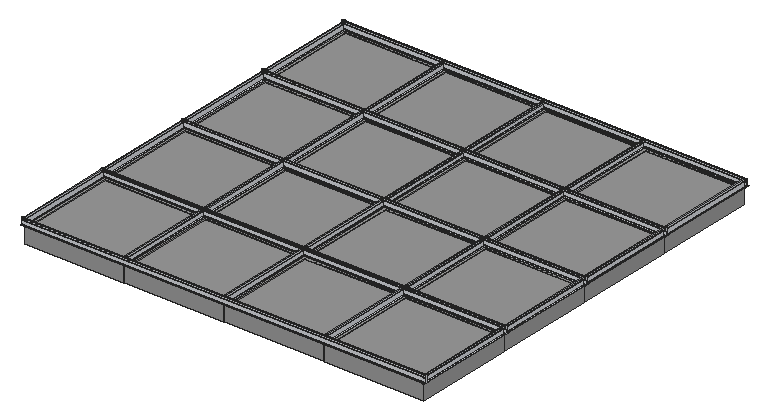
Revit family "GRD-FPG-012_RFA", category Modelos genéricos, Revit 2022 (continued)
Forms (in)
  Extrusion 234, solid, not visible
    sketch origin (0, 24, 0) x (0, 1, 0) y (0, 0, 1)
      loop
        arc (0.33294, 1.7291) -> (0.34005, 1.71194) -> (0.35722, 1.70483) r 0.02428
        line (0.35722, 1.70483) -> (0.39815, 1.70483)
        arc (0.39815, 1.70483) -> (0.42797, 1.69248) -> (0.44023, 1.66266) r 0.04217
        arc (0.44023, 1.66266) -> (0.45258, 1.69248) -> (0.4824, 1.70483) r 0.04217
        line (0.4824, 1.70483) -> (0.52333, 1.70483)
        arc (0.52333, 1.70483) -> (0.54049, 1.71194) -> (0.54761, 1.7291) r 0.02428
        line (0.54761, 1.7291) -> (0.54761, 2.15016) -> (0.45704, 2.24072)
        arc (0.45704, 2.24072) -> (0.44027, 2.24767) -> (0.42351, 2.24072) r 0.02371
        line (0.42351, 2.24072) -> (0.33294, 2.15016) -> (0.33294, 1.7291)
    from 0 to 96.9361
  Extrusion 235, solid, not visible
    sketch origin (0, 48, 0) x (0, 1, 0) y (0, 0, 1)
      loop
        line (0.42221, 1.66259) -> (0.42231, 0.67354)
        arc (0.42231, 0.67354) -> (0.41009, 0.64403) -> (0.38057, 0.6318) r 0.04174
        line (0.38057, 0.6318) -> (-0.00639, 0.6318) -> (-0.00639, 0.59057) -> (0.8874, 0.59057) -> (0.8874, 0.6318) -> (0.49998, 0.6318)
        arc (0.49998, 0.6318) -> (0.47046, 0.64403) -> (0.45824, 0.67354) r 0.04174
        line (0.45824, 0.67354) -> (0.45834, 1.66259)
        arc (0.45834, 1.66259) -> (0.46543, 1.67969) -> (0.48252, 1.68677) r 0.02418
        line (0.48252, 1.68677) -> (0.52252, 1.68677)
        arc (0.52252, 1.68677) -> (0.55303, 1.69941) -> (0.56566, 1.72991) r 0.04314
        line (0.56566, 1.72991) -> (0.56566, 2.14095)
        arc (0.56566, 2.14095) -> (0.5626, 2.15637) -> (0.55386, 2.16944) r 0.04029
        line (0.55386, 2.16944) -> (0.47053, 2.25277)
        arc (0.47053, 2.25277) -> (0.44027, 2.2653) -> (0.41002, 2.25277) r 0.04279
        line (0.41002, 2.25277) -> (0.32669, 2.16944)
        arc (0.32669, 2.16944) -> (0.31795, 2.15637) -> (0.31489, 2.14095) r 0.04029
        line (0.31489, 2.14095) -> (0.31489, 1.72991)
        arc (0.31489, 1.72991) -> (0.32752, 1.69941) -> (0.35803, 1.68677) r 0.04314
        line (0.35803, 1.68677) -> (0.39803, 1.68677)
        arc (0.39803, 1.68677) -> (0.41512, 1.67969) -> (0.42221, 1.66259) r 0.02418
      loop
        arc (0.33294, 1.7291) -> (0.34005, 1.71194) -> (0.35722, 1.70483) r 0.02428
        line (0.35722, 1.70483) -> (0.39815, 1.70483)
        arc (0.39815, 1.70483) -> (0.42797, 1.69248) -> (0.44023, 1.66266) r 0.04217
        arc (0.44023, 1.66266) -> (0.45258, 1.69248) -> (0.4824, 1.70483) r 0.04217
        line (0.4824, 1.70483) -> (0.52333, 1.70483)
        arc (0.52333, 1.70483) -> (0.54049, 1.71194) -> (0.54761, 1.7291) r 0.02428
        line (0.54761, 1.7291) -> (0.54761, 2.15016) -> (0.45704, 2.24072)
        arc (0.45704, 2.24072) -> (0.44027, 2.24767) -> (0.42351, 2.24072) r 0.02371
        line (0.42351, 2.24072) -> (0.33294, 2.15016) -> (0.33294, 1.7291)
    from 0 to 96.9361
  Extrusion 236, solid, not visible
    sketch origin (0, 72, 0) x (0, 1, 0) y (0, 0, 1)
      loop
        line (0.42221, 1.66259) -> (0.42231, 0.67354)
        arc (0.42231, 0.67354) -> (0.41009, 0.64403) -> (0.38057, 0.6318) r 0.04174
        line (0.38057, 0.6318) -> (-0.00639, 0.6318) -> (-0.00639, 0.59057) -> (0.8874, 0.59057) -> (0.8874, 0.6318) -> (0.49998, 0.6318)
        arc (0.49998, 0.6318) -> (0.47046, 0.64403) -> (0.45824, 0.67354) r 0.04174
        line (0.45824, 0.67354) -> (0.45834, 1.66259)
        arc (0.45834, 1.66259) -> (0.46543, 1.67969) -> (0.48252, 1.68677) r 0.02418
        line (0.48252, 1.68677) -> (0.52252, 1.68677)
        arc (0.52252, 1.68677) -> (0.55303, 1.69941) -> (0.56566, 1.72991) r 0.04314
        line (0.56566, 1.72991) -> (0.56566, 2.14095)
        arc (0.56566, 2.14095) -> (0.5626, 2.15637) -> (0.55386, 2.16944) r 0.04029
        line (0.55386, 2.16944) -> (0.47053, 2.25277)
        arc (0.47053, 2.25277) -> (0.44027, 2.2653) -> (0.41002, 2.25277) r 0.04279
        line (0.41002, 2.25277) -> (0.32669, 2.16944)
        arc (0.32669, 2.16944) -> (0.31795, 2.15637) -> (0.31489, 2.14095) r 0.04029
        line (0.31489, 2.14095) -> (0.31489, 1.72991)
        arc (0.31489, 1.72991) -> (0.32752, 1.69941) -> (0.35803, 1.68677) r 0.04314
        line (0.35803, 1.68677) -> (0.39803, 1.68677)
        arc (0.39803, 1.68677) -> (0.41512, 1.67969) -> (0.42221, 1.66259) r 0.02418
      loop
        arc (0.33294, 1.7291) -> (0.34005, 1.71194) -> (0.35722, 1.70483) r 0.02428
        line (0.35722, 1.70483) -> (0.39815, 1.70483)
        arc (0.39815, 1.70483) -> (0.42797, 1.69248) -> (0.44023, 1.66266) r 0.04217
        arc (0.44023, 1.66266) -> (0.45258, 1.69248) -> (0.4824, 1.70483) r 0.04217
        line (0.4824, 1.70483) -> (0.52333, 1.70483)
        arc (0.52333, 1.70483) -> (0.54049, 1.71194) -> (0.54761, 1.7291) r 0.02428
        line (0.54761, 1.7291) -> (0.54761, 2.15016) -> (0.45704, 2.24072)
        arc (0.45704, 2.24072) -> (0.44027, 2.24767) -> (0.42351, 2.24072) r 0.02371
        line (0.42351, 2.24072) -> (0.33294, 2.15016) -> (0.33294, 1.7291)
    from 0 to 96.9361
  Extrusion 237, solid, not visible
    sketch origin (0, 96, 0) x (0, 1, 0) y (0, 0, 1)
      loop
        line (0.42221, 1.66259) -> (0.42231, 0.67354)
        arc (0.42231, 0.67354) -> (0.41009, 0.64403) -> (0.38057, 0.6318) r 0.04174
        line (0.38057, 0.6318) -> (-0.00639, 0.6318) -> (-0.00639, 0.59057) -> (0.8874, 0.59057) -> (0.8874, 0.6318) -> (0.49998, 0.6318)
        arc (0.49998, 0.6318) -> (0.47046, 0.64403) -> (0.45824, 0.67354) r 0.04174
        line (0.45824, 0.67354) -> (0.45834, 1.66259)
        arc (0.45834, 1.66259) -> (0.46543, 1.67969) -> (0.48252, 1.68677) r 0.02418
        line (0.48252, 1.68677) -> (0.52252, 1.68677)
        arc (0.52252, 1.68677) -> (0.55303, 1.69941) -> (0.56566, 1.72991) r 0.04314
        line (0.56566, 1.72991) -> (0.56566, 2.14095)
        arc (0.56566, 2.14095) -> (0.5626, 2.15637) -> (0.55386, 2.16944) r 0.04029
        line (0.55386, 2.16944) -> (0.47053, 2.25277)
        arc (0.47053, 2.25277) -> (0.44027, 2.2653) -> (0.41002, 2.25277) r 0.04279
        line (0.41002, 2.25277) -> (0.32669, 2.16944)
        arc (0.32669, 2.16944) -> (0.31795, 2.15637) -> (0.31489, 2.14095) r 0.04029
        line (0.31489, 2.14095) -> (0.31489, 1.72991)
        arc (0.31489, 1.72991) -> (0.32752, 1.69941) -> (0.35803, 1.68677) r 0.04314
        line (0.35803, 1.68677) -> (0.39803, 1.68677)
        arc (0.39803, 1.68677) -> (0.41512, 1.67969) -> (0.42221, 1.66259) r 0.02418
      loop
        arc (0.33294, 1.7291) -> (0.34005, 1.71194) -> (0.35722, 1.70483) r 0.02428
        line (0.35722, 1.70483) -> (0.39815, 1.70483)
        arc (0.39815, 1.70483) -> (0.42797, 1.69248) -> (0.44023, 1.66266) r 0.04217
        arc (0.44023, 1.66266) -> (0.45258, 1.69248) -> (0.4824, 1.70483) r 0.04217
        line (0.4824, 1.70483) -> (0.52333, 1.70483)
        arc (0.52333, 1.70483) -> (0.54049, 1.71194) -> (0.54761, 1.7291) r 0.02428
        line (0.54761, 1.7291) -> (0.54761, 2.15016) -> (0.45704, 2.24072)
        arc (0.45704, 2.24072) -> (0.44027, 2.24767) -> (0.42351, 2.24072) r 0.02371
        line (0.42351, 2.24072) -> (0.33294, 2.15016) -> (0.33294, 1.7291)
    from 0 to 96.9361
  Extrusion 238, solid, not visible
    sketch origin (48.02754, 154.90856, 0) x (1, 0, 0) y (0, 0, 1)
      loop
        line (0.42221, 1.66259) -> (0.42231, 0.67354)
        arc (0.42231, 0.67354) -> (0.41009, 0.64403) -> (0.38057, 0.6318) r 0.04174
        line (0.38057, 0.6318) -> (-0.00639, 0.6318) -> (-0.00639, 0.59057) -> (0.8874, 0.59057) -> (0.8874, 0.6318) -> (0.49998, 0.6318)
        arc (0.49998, 0.6318) -> (0.47046, 0.64403) -> (0.45824, 0.67354) r 0.04174
        line (0.45824, 0.67354) -> (0.45834, 1.66259)
        arc (0.45834, 1.66259) -> (0.46543, 1.67969) -> (0.48252, 1.68677) r 0.02418
        line (0.48252, 1.68677) -> (0.52252, 1.68677)
        arc (0.52252, 1.68677) -> (0.55303, 1.69941) -> (0.56566, 1.72991) r 0.04314
        line (0.56566, 1.72991) -> (0.56566, 2.14095)
        arc (0.56566, 2.14095) -> (0.5626, 2.15637) -> (0.55386, 2.16944) r 0.04029
        line (0.55386, 2.16944) -> (0.47053, 2.25277)
        arc (0.47053, 2.25277) -> (0.44027, 2.2653) -> (0.41002, 2.25277) r 0.04279
        line (0.41002, 2.25277) -> (0.32669, 2.16944)
        arc (0.32669, 2.16944) -> (0.31795, 2.15637) -> (0.31489, 2.14095) r 0.04029
        line (0.31489, 2.14095) -> (0.31489, 1.72991)
        arc (0.31489, 1.72991) -> (0.32752, 1.69941) -> (0.35803, 1.68677) r 0.04314
        line (0.35803, 1.68677) -> (0.39803, 1.68677)
        arc (0.39803, 1.68677) -> (0.41512, 1.67969) -> (0.42221, 1.66259) r 0.02418
      loop
        arc (0.33294, 1.7291) -> (0.34005, 1.71194) -> (0.35722, 1.70483) r 0.02428
        line (0.35722, 1.70483) -> (0.39815, 1.70483)
        arc (0.39815, 1.70483) -> (0.42797, 1.69248) -> (0.44023, 1.66266) r 0.04217
        arc (0.44023, 1.66266) -> (0.45258, 1.69248) -> (0.4824, 1.70483) r 0.04217
        line (0.4824, 1.70483) -> (0.52333, 1.70483)
        arc (0.52333, 1.70483) -> (0.54049, 1.71194) -> (0.54761, 1.7291) r 0.02428
        line (0.54761, 1.7291) -> (0.54761, 2.15016) -> (0.45704, 2.24072)
        arc (0.45704, 2.24072) -> (0.44027, 2.24767) -> (0.42351, 2.24072) r 0.02371
        line (0.42351, 2.24072) -> (0.33294, 2.15016) -> (0.33294, 1.7291)
    from 58.93614 to 81.99864
  Extrusion 239, solid, not visible
    sketch origin (72.02767, 154.90856, 0) x (1, 0, 0) y (0, 0, 1)
      loop
        line (0.42221, 1.66259) -> (0.42231, 0.67354)
        arc (0.42231, 0.67354) -> (0.41009, 0.64403) -> (0.38057, 0.6318) r 0.04174
        line (0.38057, 0.6318) -> (-0.00639, 0.6318) -> (-0.00639, 0.59057) -> (0.8874, 0.59057) -> (0.8874, 0.6318) -> (0.49998, 0.6318)
        arc (0.49998, 0.6318) -> (0.47046, 0.64403) -> (0.45824, 0.67354) r 0.04174
        line (0.45824, 0.67354) -> (0.45834, 1.66259)
        arc (0.45834, 1.66259) -> (0.46543, 1.67969) -> (0.48252, 1.68677) r 0.02418
        line (0.48252, 1.68677) -> (0.52252, 1.68677)
        arc (0.52252, 1.68677) -> (0.55303, 1.69941) -> (0.56566, 1.72991) r 0.04314
        line (0.56566, 1.72991) -> (0.56566, 2.14095)
        arc (0.56566, 2.14095) -> (0.5626, 2.15637) -> (0.55386, 2.16944) r 0.04029
        line (0.55386, 2.16944) -> (0.47053, 2.25277)
        arc (0.47053, 2.25277) -> (0.44027, 2.2653) -> (0.41002, 2.25277) r 0.04279
        line (0.41002, 2.25277) -> (0.32669, 2.16944)
        arc (0.32669, 2.16944) -> (0.31795, 2.15637) -> (0.31489, 2.14095) r 0.04029
        line (0.31489, 2.14095) -> (0.31489, 1.72991)
        arc (0.31489, 1.72991) -> (0.32752, 1.69941) -> (0.35803, 1.68677) r 0.04314
        line (0.35803, 1.68677) -> (0.39803, 1.68677)
        arc (0.39803, 1.68677) -> (0.41512, 1.67969) -> (0.42221, 1.66259) r 0.02418
      loop
        arc (0.33294, 1.7291) -> (0.34005, 1.71194) -> (0.35722, 1.70483) r 0.02428
        line (0.35722, 1.70483) -> (0.39815, 1.70483)
        arc (0.39815, 1.70483) -> (0.42797, 1.69248) -> (0.44023, 1.66266) r 0.04217
        arc (0.44023, 1.66266) -> (0.45258, 1.69248) -> (0.4824, 1.70483) r 0.04217
        line (0.4824, 1.70483) -> (0.52333, 1.70483)
        arc (0.52333, 1.70483) -> (0.54049, 1.71194) -> (0.54761, 1.7291) r 0.02428
        line (0.54761, 1.7291) -> (0.54761, 2.15016) -> (0.45704, 2.24072)
        arc (0.45704, 2.24072) -> (0.44027, 2.24767) -> (0.42351, 2.24072) r 0.02371
        line (0.42351, 2.24072) -> (0.33294, 2.15016) -> (0.33294, 1.7291)
    from 58.93614 to 81.99864
  Extrusion 240, solid, not visible
    sketch origin (96.02767, 154.90856, 0) x (1, 0, 0) y (0, 0, 1)
      loop
        line (0.42221, 1.66259) -> (0.42231, 0.67354)
        arc (0.42231, 0.67354) -> (0.41009, 0.64403) -> (0.38057, 0.6318) r 0.04174
        line (0.38057, 0.6318) -> (-0.00639, 0.6318) -> (-0.00639, 0.59057) -> (0.8874, 0.59057) -> (0.8874, 0.6318) -> (0.49998, 0.6318)
        arc (0.49998, 0.6318) -> (0.47046, 0.64403) -> (0.45824, 0.67354) r 0.04174
        line (0.45824, 0.67354) -> (0.45834, 1.66259)
        arc (0.45834, 1.66259) -> (0.46543, 1.67969) -> (0.48252, 1.68677) r 0.02418
        line (0.48252, 1.68677) -> (0.52252, 1.68677)
        arc (0.52252, 1.68677) -> (0.55303, 1.69941) -> (0.56566, 1.72991) r 0.04314
        line (0.56566, 1.72991) -> (0.56566, 2.14095)
        arc (0.56566, 2.14095) -> (0.5626, 2.15637) -> (0.55386, 2.16944) r 0.04029
        line (0.55386, 2.16944) -> (0.47053, 2.25277)
        arc (0.47053, 2.25277) -> (0.44027, 2.2653) -> (0.41002, 2.25277) r 0.04279
        line (0.41002, 2.25277) -> (0.32669, 2.16944)
        arc (0.32669, 2.16944) -> (0.31795, 2.15637) -> (0.31489, 2.14095) r 0.04029
        line (0.31489, 2.14095) -> (0.31489, 1.72991)
        arc (0.31489, 1.72991) -> (0.32752, 1.69941) -> (0.35803, 1.68677) r 0.04314
        line (0.35803, 1.68677) -> (0.39803, 1.68677)
        arc (0.39803, 1.68677) -> (0.41512, 1.67969) -> (0.42221, 1.66259) r 0.02418
      loop
        arc (0.33294, 1.7291) -> (0.34005, 1.71194) -> (0.35722, 1.70483) r 0.02428
        line (0.35722, 1.70483) -> (0.39815, 1.70483)
        arc (0.39815, 1.70483) -> (0.42797, 1.69248) -> (0.44023, 1.66266) r 0.04217
        arc (0.44023, 1.66266) -> (0.45258, 1.69248) -> (0.4824, 1.70483) r 0.04217
        line (0.4824, 1.70483) -> (0.52333, 1.70483)
        arc (0.52333, 1.70483) -> (0.54049, 1.71194) -> (0.54761, 1.7291) r 0.02428
        line (0.54761, 1.7291) -> (0.54761, 2.15016) -> (0.45704, 2.24072)
        arc (0.45704, 2.24072) -> (0.44027, 2.24767) -> (0.42351, 2.24072) r 0.02371
        line (0.42351, 2.24072) -> (0.33294, 2.15016) -> (0.33294, 1.7291)
    from 58.93614 to 81.99864
  Extrusion 241, solid, not visible
    sketch origin (24.02767, 154.90856, 0) x (1, 0, 0) y (0, 0, 1)
      loop
        line (0.42221, 1.66259) -> (0.42231, 0.67354)
        arc (0.42231, 0.67354) -> (0.41009, 0.64403) -> (0.38057, 0.6318) r 0.04174
        line (0.38057, 0.6318) -> (-0.00639, 0.6318) -> (-0.00639, 0.59057) -> (0.8874, 0.59057) -> (0.8874, 0.6318) -> (0.49998, 0.6318)
        arc (0.49998, 0.6318) -> (0.47046, 0.64403) -> (0.45824, 0.67354) r 0.04174
        line (0.45824, 0.67354) -> (0.45834, 1.66259)
        arc (0.45834, 1.66259) -> (0.46543, 1.67969) -> (0.48252, 1.68677) r 0.02418
        line (0.48252, 1.68677) -> (0.52252, 1.68677)
        arc (0.52252, 1.68677) -> (0.55303, 1.69941) -> (0.56566, 1.72991) r 0.04314
        line (0.56566, 1.72991) -> (0.56566, 2.14095)
        arc (0.56566, 2.14095) -> (0.5626, 2.15637) -> (0.55386, 2.16944) r 0.04029
        line (0.55386, 2.16944) -> (0.47053, 2.25277)
        arc (0.47053, 2.25277) -> (0.44027, 2.2653) -> (0.41002, 2.25277) r 0.04279
        line (0.41002, 2.25277) -> (0.32669, 2.16944)
        arc (0.32669, 2.16944) -> (0.31795, 2.15637) -> (0.31489, 2.14095) r 0.04029
        line (0.31489, 2.14095) -> (0.31489, 1.72991)
        arc (0.31489, 1.72991) -> (0.32752, 1.69941) -> (0.35803, 1.68677) r 0.04314
        line (0.35803, 1.68677) -> (0.39803, 1.68677)
        arc (0.39803, 1.68677) -> (0.41512, 1.67969) -> (0.42221, 1.66259) r 0.02418
      loop
        arc (0.33294, 1.7291) -> (0.34005, 1.71194) -> (0.35722, 1.70483) r 0.02428
        line (0.35722, 1.70483) -> (0.39815, 1.70483)
        arc (0.39815, 1.70483) -> (0.42797, 1.69248) -> (0.44023, 1.66266) r 0.04217
        arc (0.44023, 1.66266) -> (0.45258, 1.69248) -> (0.4824, 1.70483) r 0.04217
        line (0.4824, 1.70483) -> (0.52333, 1.70483)
        arc (0.52333, 1.70483) -> (0.54049, 1.71194) -> (0.54761, 1.7291) r 0.02428
        line (0.54761, 1.7291) -> (0.54761, 2.15016) -> (0.45704, 2.24072)
        arc (0.45704, 2.24072) -> (0.44027, 2.24767) -> (0.42351, 2.24072) r 0.02371
        line (0.42351, 2.24072) -> (0.33294, 2.15016) -> (0.33294, 1.7291)
    from 58.93614 to 81.99864
  Extrusion 242, solid, not visible
    sketch origin (0.02767, 154.90856, 0) x (1, 0, 0) y (0, 0, 1)
      loop
        line (0.42221, 1.66259) -> (0.42231, 0.67354)
        arc (0.42231, 0.67354) -> (0.41009, 0.64403) -> (0.38057, 0.6318) r 0.04174
        line (0.38057, 0.6318) -> (-0.00639, 0.6318) -> (-0.00639, 0.59057) -> (0.8874, 0.59057) -> (0.8874, 0.6318) -> (0.49998, 0.6318)
        arc (0.49998, 0.6318) -> (0.47046, 0.64403) -> (0.45824, 0.67354) r 0.04174
        line (0.45824, 0.67354) -> (0.45834, 1.66259)
        arc (0.45834, 1.66259) -> (0.46543, 1.67969) -> (0.48252, 1.68677) r 0.02418
        line (0.48252, 1.68677) -> (0.52252, 1.68677)
        arc (0.52252, 1.68677) -> (0.55303, 1.69941) -> (0.56566, 1.72991) r 0.04314
        line (0.56566, 1.72991) -> (0.56566, 2.14095)
        arc (0.56566, 2.14095) -> (0.5626, 2.15637) -> (0.55386, 2.16944) r 0.04029
        line (0.55386, 2.16944) -> (0.47053, 2.25277)
        arc (0.47053, 2.25277) -> (0.44027, 2.2653) -> (0.41002, 2.25277) r 0.04279
        line (0.41002, 2.25277) -> (0.32669, 2.16944)
        arc (0.32669, 2.16944) -> (0.31795, 2.15637) -> (0.31489, 2.14095) r 0.04029
        line (0.31489, 2.14095) -> (0.31489, 1.72991)
        arc (0.31489, 1.72991) -> (0.32752, 1.69941) -> (0.35803, 1.68677) r 0.04314
        line (0.35803, 1.68677) -> (0.39803, 1.68677)
        arc (0.39803, 1.68677) -> (0.41512, 1.67969) -> (0.42221, 1.66259) r 0.02418
      loop
        arc (0.33294, 1.7291) -> (0.34005, 1.71194) -> (0.35722, 1.70483) r 0.02428
        line (0.35722, 1.70483) -> (0.39815, 1.70483)
        arc (0.39815, 1.70483) -> (0.42797, 1.69248) -> (0.44023, 1.66266) r 0.04217
        arc (0.44023, 1.66266) -> (0.45258, 1.69248) -> (0.4824, 1.70483) r 0.04217
        line (0.4824, 1.70483) -> (0.52333, 1.70483)
        arc (0.52333, 1.70483) -> (0.54049, 1.71194) -> (0.54761, 1.7291) r 0.02428
        line (0.54761, 1.7291) -> (0.54761, 2.15016) -> (0.45704, 2.24072)
        arc (0.45704, 2.24072) -> (0.44027, 2.24767) -> (0.42351, 2.24072) r 0.02371
        line (0.42351, 2.24072) -> (0.33294, 2.15016) -> (0.33294, 1.7291)
    from 58.93614 to 81.99864
  Extrusion 243, solid, not visible
    sketch origin (48.02754, 130.90855, 0) x (1, 0, 0) y (0, 0, 1)
      loop
        line (0.42221, 1.66259) -> (0.42231, 0.67354)
        arc (0.42231, 0.67354) -> (0.41009, 0.64403) -> (0.38057, 0.6318) r 0.04174
        line (0.38057, 0.6318) -> (-0.00639, 0.6318) -> (-0.00639, 0.59057) -> (0.8874, 0.59057) -> (0.8874, 0.6318) -> (0.49998, 0.6318)
        arc (0.49998, 0.6318) -> (0.47046, 0.64403) -> (0.45824, 0.67354) r 0.04174
        line (0.45824, 0.67354) -> (0.45834, 1.66259)
        arc (0.45834, 1.66259) -> (0.46543, 1.67969) -> (0.48252, 1.68677) r 0.02418
        line (0.48252, 1.68677) -> (0.52252, 1.68677)
        arc (0.52252, 1.68677) -> (0.55303, 1.69941) -> (0.56566, 1.72991) r 0.04314
        line (0.56566, 1.72991) -> (0.56566, 2.14095)
        arc (0.56566, 2.14095) -> (0.5626, 2.15637) -> (0.55386, 2.16944) r 0.04029
        line (0.55386, 2.16944) -> (0.47053, 2.25277)
        arc (0.47053, 2.25277) -> (0.44027, 2.2653) -> (0.41002, 2.25277) r 0.04279
        line (0.41002, 2.25277) -> (0.32669, 2.16944)
        arc (0.32669, 2.16944) -> (0.31795, 2.15637) -> (0.31489, 2.14095) r 0.04029
        line (0.31489, 2.14095) -> (0.31489, 1.72991)
        arc (0.31489, 1.72991) -> (0.32752, 1.69941) -> (0.35803, 1.68677) r 0.04314
        line (0.35803, 1.68677) -> (0.39803, 1.68677)
        arc (0.39803, 1.68677) -> (0.41512, 1.67969) -> (0.42221, 1.66259) r 0.02418
      loop
        arc (0.33294, 1.7291) -> (0.34005, 1.71194) -> (0.35722, 1.70483) r 0.02428
        line (0.35722, 1.70483) -> (0.39815, 1.70483)
        arc (0.39815, 1.70483) -> (0.42797, 1.69248) -> (0.44023, 1.66266) r 0.04217
        arc (0.44023, 1.66266) -> (0.45258, 1.69248) -> (0.4824, 1.70483) r 0.04217
        line (0.4824, 1.70483) -> (0.52333, 1.70483)
        arc (0.52333, 1.70483) -> (0.54049, 1.71194) -> (0.54761, 1.7291) r 0.02428
        line (0.54761, 1.7291) -> (0.54761, 2.15016) -> (0.45704, 2.24072)
        arc (0.45704, 2.24072) -> (0.44027, 2.24767) -> (0.42351, 2.24072) r 0.02371
        line (0.42351, 2.24072) -> (0.33294, 2.15016) -> (0.33294, 1.7291)
    from 58.93614 to 81.99864
  Extrusion 244, solid, not visible
    sketch origin (72.02767, 130.90855, 0) x (1, 0, 0) y (0, 0, 1)
      loop
        line (0.42221, 1.66259) -> (0.42231, 0.67354)
        arc (0.42231, 0.67354) -> (0.41009, 0.64403) -> (0.38057, 0.6318) r 0.04174
        line (0.38057, 0.6318) -> (-0.00639, 0.6318) -> (-0.00639, 0.59057) -> (0.8874, 0.59057) -> (0.8874, 0.6318) -> (0.49998, 0.6318)
        arc (0.49998, 0.6318) -> (0.47046, 0.64403) -> (0.45824, 0.67354) r 0.04174
        line (0.45824, 0.67354) -> (0.45834, 1.66259)
        arc (0.45834, 1.66259) -> (0.46543, 1.67969) -> (0.48252, 1.68677) r 0.02418
        line (0.48252, 1.68677) -> (0.52252, 1.68677)
        arc (0.52252, 1.68677) -> (0.55303, 1.69941) -> (0.56566, 1.72991) r 0.04314
        line (0.56566, 1.72991) -> (0.56566, 2.14095)
        arc (0.56566, 2.14095) -> (0.5626, 2.15637) -> (0.55386, 2.16944) r 0.04029
        line (0.55386, 2.16944) -> (0.47053, 2.25277)
        arc (0.47053, 2.25277) -> (0.44027, 2.2653) -> (0.41002, 2.25277) r 0.04279
        line (0.41002, 2.25277) -> (0.32669, 2.16944)
        arc (0.32669, 2.16944) -> (0.31795, 2.15637) -> (0.31489, 2.14095) r 0.04029
        line (0.31489, 2.14095) -> (0.31489, 1.72991)
        arc (0.31489, 1.72991) -> (0.32752, 1.69941) -> (0.35803, 1.68677) r 0.04314
        line (0.35803, 1.68677) -> (0.39803, 1.68677)
        arc (0.39803, 1.68677) -> (0.41512, 1.67969) -> (0.42221, 1.66259) r 0.02418
      loop
        arc (0.33294, 1.7291) -> (0.34005, 1.71194) -> (0.35722, 1.70483) r 0.02428
        line (0.35722, 1.70483) -> (0.39815, 1.70483)
        arc (0.39815, 1.70483) -> (0.42797, 1.69248) -> (0.44023, 1.66266) r 0.04217
        arc (0.44023, 1.66266) -> (0.45258, 1.69248) -> (0.4824, 1.70483) r 0.04217
        line (0.4824, 1.70483) -> (0.52333, 1.70483)
        arc (0.52333, 1.70483) -> (0.54049, 1.71194) -> (0.54761, 1.7291) r 0.02428
        line (0.54761, 1.7291) -> (0.54761, 2.15016) -> (0.45704, 2.24072)
        arc (0.45704, 2.24072) -> (0.44027, 2.24767) -> (0.42351, 2.24072) r 0.02371
        line (0.42351, 2.24072) -> (0.33294, 2.15016) -> (0.33294, 1.7291)
    from 58.93614 to 81.99864
  Extrusion 245, solid, not visible
    sketch origin (96.02767, 130.90855, 0) x (1, 0, 0) y (0, 0, 1)
      loop
        line (0.42221, 1.66259) -> (0.42231, 0.67354)
        arc (0.42231, 0.67354) -> (0.41009, 0.64403) -> (0.38057, 0.6318) r 0.04174
        line (0.38057, 0.6318) -> (-0.00639, 0.6318) -> (-0.00639, 0.59057) -> (0.8874, 0.59057) -> (0.8874, 0.6318) -> (0.49998, 0.6318)
        arc (0.49998, 0.6318) -> (0.47046, 0.64403) -> (0.45824, 0.67354) r 0.04174
        line (0.45824, 0.67354) -> (0.45834, 1.66259)
        arc (0.45834, 1.66259) -> (0.46543, 1.67969) -> (0.48252, 1.68677) r 0.02418
        line (0.48252, 1.68677) -> (0.52252, 1.68677)
        arc (0.52252, 1.68677) -> (0.55303, 1.69941) -> (0.56566, 1.72991) r 0.04314
        line (0.56566, 1.72991) -> (0.56566, 2.14095)
        arc (0.56566, 2.14095) -> (0.5626, 2.15637) -> (0.55386, 2.16944) r 0.04029
        line (0.55386, 2.16944) -> (0.47053, 2.25277)
        arc (0.47053, 2.25277) -> (0.44027, 2.2653) -> (0.41002, 2.25277) r 0.04279
        line (0.41002, 2.25277) -> (0.32669, 2.16944)
        arc (0.32669, 2.16944) -> (0.31795, 2.15637) -> (0.31489, 2.14095) r 0.04029
        line (0.31489, 2.14095) -> (0.31489, 1.72991)
        arc (0.31489, 1.72991) -> (0.32752, 1.69941) -> (0.35803, 1.68677) r 0.04314
        line (0.35803, 1.68677) -> (0.39803, 1.68677)
        arc (0.39803, 1.68677) -> (0.41512, 1.67969) -> (0.42221, 1.66259) r 0.02418
      loop
        arc (0.33294, 1.7291) -> (0.34005, 1.71194) -> (0.35722, 1.70483) r 0.02428
        line (0.35722, 1.70483) -> (0.39815, 1.70483)
        arc (0.39815, 1.70483) -> (0.42797, 1.69248) -> (0.44023, 1.66266) r 0.04217
        arc (0.44023, 1.66266) -> (0.45258, 1.69248) -> (0.4824, 1.70483) r 0.04217
        line (0.4824, 1.70483) -> (0.52333, 1.70483)
        arc (0.52333, 1.70483) -> (0.54049, 1.71194) -> (0.54761, 1.7291) r 0.02428
        line (0.54761, 1.7291) -> (0.54761, 2.15016) -> (0.45704, 2.24072)
        arc (0.45704, 2.24072) -> (0.44027, 2.24767) -> (0.42351, 2.24072) r 0.02371
        line (0.42351, 2.24072) -> (0.33294, 2.15016) -> (0.33294, 1.7291)
    from 58.93614 to 81.99864
  Extrusion 246, solid, not visible
    sketch origin (24.02767, 130.90855, 0) x (1, 0, 0) y (0, 0, 1)
      loop
        line (0.42221, 1.66259) -> (0.42231, 0.67354)
        arc (0.42231, 0.67354) -> (0.41009, 0.64403) -> (0.38057, 0.6318) r 0.04174
        line (0.38057, 0.6318) -> (-0.00639, 0.6318) -> (-0.00639, 0.59057) -> (0.8874, 0.59057) -> (0.8874, 0.6318) -> (0.49998, 0.6318)
        arc (0.49998, 0.6318) -> (0.47046, 0.64403) -> (0.45824, 0.67354) r 0.04174
        line (0.45824, 0.67354) -> (0.45834, 1.66259)
        arc (0.45834, 1.66259) -> (0.46543, 1.67969) -> (0.48252, 1.68677) r 0.02418
        line (0.48252, 1.68677) -> (0.52252, 1.68677)
        arc (0.52252, 1.68677) -> (0.55303, 1.69941) -> (0.56566, 1.72991) r 0.04314
        line (0.56566, 1.72991) -> (0.56566, 2.14095)
        arc (0.56566, 2.14095) -> (0.5626, 2.15637) -> (0.55386, 2.16944) r 0.04029
        line (0.55386, 2.16944) -> (0.47053, 2.25277)
        arc (0.47053, 2.25277) -> (0.44027, 2.2653) -> (0.41002, 2.25277) r 0.04279
        line (0.41002, 2.25277) -> (0.32669, 2.16944)
        arc (0.32669, 2.16944) -> (0.31795, 2.15637) -> (0.31489, 2.14095) r 0.04029
        line (0.31489, 2.14095) -> (0.31489, 1.72991)
        arc (0.31489, 1.72991) -> (0.32752, 1.69941) -> (0.35803, 1.68677) r 0.04314
        line (0.35803, 1.68677) -> (0.39803, 1.68677)
        arc (0.39803, 1.68677) -> (0.41512, 1.67969) -> (0.42221, 1.66259) r 0.02418
      loop
        arc (0.33294, 1.7291) -> (0.34005, 1.71194) -> (0.35722, 1.70483) r 0.02428
        line (0.35722, 1.70483) -> (0.39815, 1.70483)
        arc (0.39815, 1.70483) -> (0.42797, 1.69248) -> (0.44023, 1.66266) r 0.04217
        arc (0.44023, 1.66266) -> (0.45258, 1.69248) -> (0.4824, 1.70483) r 0.04217
        line (0.4824, 1.70483) -> (0.52333, 1.70483)
        arc (0.52333, 1.70483) -> (0.54049, 1.71194) -> (0.54761, 1.7291) r 0.02428
        line (0.54761, 1.7291) -> (0.54761, 2.15016) -> (0.45704, 2.24072)
        arc (0.45704, 2.24072) -> (0.44027, 2.24767) -> (0.42351, 2.24072) r 0.02371
        line (0.42351, 2.24072) -> (0.33294, 2.15016) -> (0.33294, 1.7291)
    from 58.93614 to 81.99864
  Extrusion 247, solid, not visible
    sketch origin (0.02767, 130.90855, 0) x (1, 0, 0) y (0, 0, 1)
      loop
        line (0.42221, 1.66259) -> (0.42231, 0.67354)
        arc (0.42231, 0.67354) -> (0.41009, 0.64403) -> (0.38057, 0.6318) r 0.04174
        line (0.38057, 0.6318) -> (-0.00639, 0.6318) -> (-0.00639, 0.59057) -> (0.8874, 0.59057) -> (0.8874, 0.6318) -> (0.49998, 0.6318)
        arc (0.49998, 0.6318) -> (0.47046, 0.64403) -> (0.45824, 0.67354) r 0.04174
        line (0.45824, 0.67354) -> (0.45834, 1.66259)
        arc (0.45834, 1.66259) -> (0.46543, 1.67969) -> (0.48252, 1.68677) r 0.02418
        line (0.48252, 1.68677) -> (0.52252, 1.68677)
        arc (0.52252, 1.68677) -> (0.55303, 1.69941) -> (0.56566, 1.72991) r 0.04314
        line (0.56566, 1.72991) -> (0.56566, 2.14095)
        arc (0.56566, 2.14095) -> (0.5626, 2.15637) -> (0.55386, 2.16944) r 0.04029
        line (0.55386, 2.16944) -> (0.47053, 2.25277)
        arc (0.47053, 2.25277) -> (0.44027, 2.2653) -> (0.41002, 2.25277) r 0.04279
        line (0.41002, 2.25277) -> (0.32669, 2.16944)
        arc (0.32669, 2.16944) -> (0.31795, 2.15637) -> (0.31489, 2.14095) r 0.04029
        line (0.31489, 2.14095) -> (0.31489, 1.72991)
        arc (0.31489, 1.72991) -> (0.32752, 1.69941) -> (0.35803, 1.68677) r 0.04314
        line (0.35803, 1.68677) -> (0.39803, 1.68677)
        arc (0.39803, 1.68677) -> (0.41512, 1.67969) -> (0.42221, 1.66259) r 0.02418
      loop
        arc (0.33294, 1.7291) -> (0.34005, 1.71194) -> (0.35722, 1.70483) r 0.02428
        line (0.35722, 1.70483) -> (0.39815, 1.70483)
        arc (0.39815, 1.70483) -> (0.42797, 1.69248) -> (0.44023, 1.66266) r 0.04217
        arc (0.44023, 1.66266) -> (0.45258, 1.69248) -> (0.4824, 1.70483) r 0.04217
        line (0.4824, 1.70483) -> (0.52333, 1.70483)
        arc (0.52333, 1.70483) -> (0.54049, 1.71194) -> (0.54761, 1.7291) r 0.02428
        line (0.54761, 1.7291) -> (0.54761, 2.15016) -> (0.45704, 2.24072)
        arc (0.45704, 2.24072) -> (0.44027, 2.24767) -> (0.42351, 2.24072) r 0.02371
        line (0.42351, 2.24072) -> (0.33294, 2.15016) -> (0.33294, 1.7291)
    from 58.93614 to 81.99864
  Extrusion 248, solid, not visible
    sketch origin (48.02754, 106.90856, 0) x (1, 0, 0) y (0, 0, 1)
      loop
        line (0.42221, 1.66259) -> (0.42231, 0.67354)
        arc (0.42231, 0.67354) -> (0.41009, 0.64403) -> (0.38057, 0.6318) r 0.04174
        line (0.38057, 0.6318) -> (-0.00639, 0.6318) -> (-0.00639, 0.59057) -> (0.8874, 0.59057) -> (0.8874, 0.6318) -> (0.49998, 0.6318)
        arc (0.49998, 0.6318) -> (0.47046, 0.64403) -> (0.45824, 0.67354) r 0.04174
        line (0.45824, 0.67354) -> (0.45834, 1.66259)
        arc (0.45834, 1.66259) -> (0.46543, 1.67969) -> (0.48252, 1.68677) r 0.02418
        line (0.48252, 1.68677) -> (0.52252, 1.68677)
        arc (0.52252, 1.68677) -> (0.55303, 1.69941) -> (0.56566, 1.72991) r 0.04314
        line (0.56566, 1.72991) -> (0.56566, 2.14095)
        arc (0.56566, 2.14095) -> (0.5626, 2.15637) -> (0.55386, 2.16944) r 0.04029
        line (0.55386, 2.16944) -> (0.47053, 2.25277)
        arc (0.47053, 2.25277) -> (0.44027, 2.2653) -> (0.41002, 2.25277) r 0.04279
        line (0.41002, 2.25277) -> (0.32669, 2.16944)
        arc (0.32669, 2.16944) -> (0.31795, 2.15637) -> (0.31489, 2.14095) r 0.04029
        line (0.31489, 2.14095) -> (0.31489, 1.72991)
        arc (0.31489, 1.72991) -> (0.32752, 1.69941) -> (0.35803, 1.68677) r 0.04314
        line (0.35803, 1.68677) -> (0.39803, 1.68677)
        arc (0.39803, 1.68677) -> (0.41512, 1.67969) -> (0.42221, 1.66259) r 0.02418
      loop
        arc (0.33294, 1.7291) -> (0.34005, 1.71194) -> (0.35722, 1.70483) r 0.02428
        line (0.35722, 1.70483) -> (0.39815, 1.70483)
        arc (0.39815, 1.70483) -> (0.42797, 1.69248) -> (0.44023, 1.66266) r 0.04217
        arc (0.44023, 1.66266) -> (0.45258, 1.69248) -> (0.4824, 1.70483) r 0.04217
        line (0.4824, 1.70483) -> (0.52333, 1.70483)
        arc (0.52333, 1.70483) -> (0.54049, 1.71194) -> (0.54761, 1.7291) r 0.02428
        line (0.54761, 1.7291) -> (0.54761, 2.15016) -> (0.45704, 2.24072)
        arc (0.45704, 2.24072) -> (0.44027, 2.24767) -> (0.42351, 2.24072) r 0.02371
        line (0.42351, 2.24072) -> (0.33294, 2.15016) -> (0.33294, 1.7291)
    from 58.93614 to 81.99864
  Extrusion 249, solid, not visible
    sketch origin (72.02767, 106.90856, 0) x (1, 0, 0) y (0, 0, 1)
      loop
        line (0.42221, 1.66259) -> (0.42231, 0.67354)
        arc (0.42231, 0.67354) -> (0.41009, 0.64403) -> (0.38057, 0.6318) r 0.04174
        line (0.38057, 0.6318) -> (-0.00639, 0.6318) -> (-0.00639, 0.59057) -> (0.8874, 0.59057) -> (0.8874, 0.6318) -> (0.49998, 0.6318)
        arc (0.49998, 0.6318) -> (0.47046, 0.64403) -> (0.45824, 0.67354) r 0.04174
        line (0.45824, 0.67354) -> (0.45834, 1.66259)
        arc (0.45834, 1.66259) -> (0.46543, 1.67969) -> (0.48252, 1.68677) r 0.02418
        line (0.48252, 1.68677) -> (0.52252, 1.68677)
        arc (0.52252, 1.68677) -> (0.55303, 1.69941) -> (0.56566, 1.72991) r 0.04314
        line (0.56566, 1.72991) -> (0.56566, 2.14095)
        arc (0.56566, 2.14095) -> (0.5626, 2.15637) -> (0.55386, 2.16944) r 0.04029
        line (0.55386, 2.16944) -> (0.47053, 2.25277)
        arc (0.47053, 2.25277) -> (0.44027, 2.2653) -> (0.41002, 2.25277) r 0.04279
        line (0.41002, 2.25277) -> (0.32669, 2.16944)
        arc (0.32669, 2.16944) -> (0.31795, 2.15637) -> (0.31489, 2.14095) r 0.04029
        line (0.31489, 2.14095) -> (0.31489, 1.72991)
        arc (0.31489, 1.72991) -> (0.32752, 1.69941) -> (0.35803, 1.68677) r 0.04314
        line (0.35803, 1.68677) -> (0.39803, 1.68677)
        arc (0.39803, 1.68677) -> (0.41512, 1.67969) -> (0.42221, 1.66259) r 0.02418
      loop
        arc (0.33294, 1.7291) -> (0.34005, 1.71194) -> (0.35722, 1.70483) r 0.02428
        line (0.35722, 1.70483) -> (0.39815, 1.70483)
        arc (0.39815, 1.70483) -> (0.42797, 1.69248) -> (0.44023, 1.66266) r 0.04217
        arc (0.44023, 1.66266) -> (0.45258, 1.69248) -> (0.4824, 1.70483) r 0.04217
        line (0.4824, 1.70483) -> (0.52333, 1.70483)
        arc (0.52333, 1.70483) -> (0.54049, 1.71194) -> (0.54761, 1.7291) r 0.02428
        line (0.54761, 1.7291) -> (0.54761, 2.15016) -> (0.45704, 2.24072)
        arc (0.45704, 2.24072) -> (0.44027, 2.24767) -> (0.42351, 2.24072) r 0.02371
        line (0.42351, 2.24072) -> (0.33294, 2.15016) -> (0.33294, 1.7291)
    from 58.93614 to 81.99864
  Extrusion 250, solid, not visible
    sketch origin (96.02767, 106.90856, 0) x (1, 0, 0) y (0, 0, 1)
      loop
        line (0.42221, 1.66259) -> (0.42231, 0.67354)
        arc (0.42231, 0.67354) -> (0.41009, 0.64403) -> (0.38057, 0.6318) r 0.04174
        line (0.38057, 0.6318) -> (-0.00639, 0.6318) -> (-0.00639, 0.59057) -> (0.8874, 0.59057) -> (0.8874, 0.6318) -> (0.49998, 0.6318)
        arc (0.49998, 0.6318) -> (0.47046, 0.64403) -> (0.45824, 0.67354) r 0.04174
        line (0.45824, 0.67354) -> (0.45834, 1.66259)
        arc (0.45834, 1.66259) -> (0.46543, 1.67969) -> (0.48252, 1.68677) r 0.02418
        line (0.48252, 1.68677) -> (0.52252, 1.68677)
        arc (0.52252, 1.68677) -> (0.55303, 1.69941) -> (0.56566, 1.72991) r 0.04314
        line (0.56566, 1.72991) -> (0.56566, 2.14095)
        arc (0.56566, 2.14095) -> (0.5626, 2.15637) -> (0.55386, 2.16944) r 0.04029
        line (0.55386, 2.16944) -> (0.47053, 2.25277)
        arc (0.47053, 2.25277) -> (0.44027, 2.2653) -> (0.41002, 2.25277) r 0.04279
        line (0.41002, 2.25277) -> (0.32669, 2.16944)
        arc (0.32669, 2.16944) -> (0.31795, 2.15637) -> (0.31489, 2.14095) r 0.04029
        line (0.31489, 2.14095) -> (0.31489, 1.72991)
        arc (0.31489, 1.72991) -> (0.32752, 1.69941) -> (0.35803, 1.68677) r 0.04314
        line (0.35803, 1.68677) -> (0.39803, 1.68677)
        arc (0.39803, 1.68677) -> (0.41512, 1.67969) -> (0.42221, 1.66259) r 0.02418
      loop
        arc (0.33294, 1.7291) -> (0.34005, 1.71194) -> (0.35722, 1.70483) r 0.02428
        line (0.35722, 1.70483) -> (0.39815, 1.70483)
        arc (0.39815, 1.70483) -> (0.42797, 1.69248) -> (0.44023, 1.66266) r 0.04217
        arc (0.44023, 1.66266) -> (0.45258, 1.69248) -> (0.4824, 1.70483) r 0.04217
        line (0.4824, 1.70483) -> (0.52333, 1.70483)
        arc (0.52333, 1.70483) -> (0.54049, 1.71194) -> (0.54761, 1.7291) r 0.02428
        line (0.54761, 1.7291) -> (0.54761, 2.15016) -> (0.45704, 2.24072)
        arc (0.45704, 2.24072) -> (0.44027, 2.24767) -> (0.42351, 2.24072) r 0.02371
        line (0.42351, 2.24072) -> (0.33294, 2.15016) -> (0.33294, 1.7291)
    from 58.93614 to 81.99864
  Extrusion 251, solid, not visible
    sketch origin (24.02767, 106.90856, 0) x (1, 0, 0) y (0, 0, 1)
      loop
        line (0.42221, 1.66259) -> (0.42231, 0.67354)
        arc (0.42231, 0.67354) -> (0.41009, 0.64403) -> (0.38057, 0.6318) r 0.04174
        line (0.38057, 0.6318) -> (-0.00639, 0.6318) -> (-0.00639, 0.59057) -> (0.8874, 0.59057) -> (0.8874, 0.6318) -> (0.49998, 0.6318)
        arc (0.49998, 0.6318) -> (0.47046, 0.64403) -> (0.45824, 0.67354) r 0.04174
        line (0.45824, 0.67354) -> (0.45834, 1.66259)
        arc (0.45834, 1.66259) -> (0.46543, 1.67969) -> (0.48252, 1.68677) r 0.02418
        line (0.48252, 1.68677) -> (0.52252, 1.68677)
        arc (0.52252, 1.68677) -> (0.55303, 1.69941) -> (0.56566, 1.72991) r 0.04314
        line (0.56566, 1.72991) -> (0.56566, 2.14095)
        arc (0.56566, 2.14095) -> (0.5626, 2.15637) -> (0.55386, 2.16944) r 0.04029
        line (0.55386, 2.16944) -> (0.47053, 2.25277)
        arc (0.47053, 2.25277) -> (0.44027, 2.2653) -> (0.41002, 2.25277) r 0.04279
        line (0.41002, 2.25277) -> (0.32669, 2.16944)
        arc (0.32669, 2.16944) -> (0.31795, 2.15637) -> (0.31489, 2.14095) r 0.04029
        line (0.31489, 2.14095) -> (0.31489, 1.72991)
        arc (0.31489, 1.72991) -> (0.32752, 1.69941) -> (0.35803, 1.68677) r 0.04314
        line (0.35803, 1.68677) -> (0.39803, 1.68677)
        arc (0.39803, 1.68677) -> (0.41512, 1.67969) -> (0.42221, 1.66259) r 0.02418
      loop
        arc (0.33294, 1.7291) -> (0.34005, 1.71194) -> (0.35722, 1.70483) r 0.02428
        line (0.35722, 1.70483) -> (0.39815, 1.70483)
        arc (0.39815, 1.70483) -> (0.42797, 1.69248) -> (0.44023, 1.66266) r 0.04217
        arc (0.44023, 1.66266) -> (0.45258, 1.69248) -> (0.4824, 1.70483) r 0.04217
        line (0.4824, 1.70483) -> (0.52333, 1.70483)
        arc (0.52333, 1.70483) -> (0.54049, 1.71194) -> (0.54761, 1.7291) r 0.02428
        line (0.54761, 1.7291) -> (0.54761, 2.15016) -> (0.45704, 2.24072)
        arc (0.45704, 2.24072) -> (0.44027, 2.24767) -> (0.42351, 2.24072) r 0.02371
        line (0.42351, 2.24072) -> (0.33294, 2.15016) -> (0.33294, 1.7291)
    from 58.93614 to 81.99864
  Extrusion 252, solid, not visible
    sketch origin (0.02767, 106.90856, 0) x (1, 0, 0) y (0, 0, 1)
      loop
        line (0.42221, 1.66259) -> (0.42231, 0.67354)
        arc (0.42231, 0.67354) -> (0.41009, 0.64403) -> (0.38057, 0.6318) r 0.04174
        line (0.38057, 0.6318) -> (-0.00639, 0.6318) -> (-0.00639, 0.59057) -> (0.8874, 0.59057) -> (0.8874, 0.6318) -> (0.49998, 0.6318)
        arc (0.49998, 0.6318) -> (0.47046, 0.64403) -> (0.45824, 0.67354) r 0.04174
        line (0.45824, 0.67354) -> (0.45834, 1.66259)
        arc (0.45834, 1.66259) -> (0.46543, 1.67969) -> (0.48252, 1.68677) r 0.02418
        line (0.48252, 1.68677) -> (0.52252, 1.68677)
        arc (0.52252, 1.68677) -> (0.55303, 1.69941) -> (0.56566, 1.72991) r 0.04314
        line (0.56566, 1.72991) -> (0.56566, 2.14095)
        arc (0.56566, 2.14095) -> (0.5626, 2.15637) -> (0.55386, 2.16944) r 0.04029
        line (0.55386, 2.16944) -> (0.47053, 2.25277)
        arc (0.47053, 2.25277) -> (0.44027, 2.2653) -> (0.41002, 2.25277) r 0.04279
        line (0.41002, 2.25277) -> (0.32669, 2.16944)
        arc (0.32669, 2.16944) -> (0.31795, 2.15637) -> (0.31489, 2.14095) r 0.04029
        line (0.31489, 2.14095) -> (0.31489, 1.72991)
        arc (0.31489, 1.72991) -> (0.32752, 1.69941) -> (0.35803, 1.68677) r 0.04314
        line (0.35803, 1.68677) -> (0.39803, 1.68677)
        arc (0.39803, 1.68677) -> (0.41512, 1.67969) -> (0.42221, 1.66259) r 0.02418
      loop
        arc (0.33294, 1.7291) -> (0.34005, 1.71194) -> (0.35722, 1.70483) r 0.02428
        line (0.35722, 1.70483) -> (0.39815, 1.70483)
        arc (0.39815, 1.70483) -> (0.42797, 1.69248) -> (0.44023, 1.66266) r 0.04217
        arc (0.44023, 1.66266) -> (0.45258, 1.69248) -> (0.4824, 1.70483) r 0.04217
        line (0.4824, 1.70483) -> (0.52333, 1.70483)
        arc (0.52333, 1.70483) -> (0.54049, 1.71194) -> (0.54761, 1.7291) r 0.02428
        line (0.54761, 1.7291) -> (0.54761, 2.15016) -> (0.45704, 2.24072)
        arc (0.45704, 2.24072) -> (0.44027, 2.24767) -> (0.42351, 2.24072) r 0.02371
        line (0.42351, 2.24072) -> (0.33294, 2.15016) -> (0.33294, 1.7291)
    from 58.93614 to 81.99864
  Extrusion 253, solid, not visible
    sketch origin (48.02754, 82.90856, 0) x (1, 0, 0) y (0, 0, 1)
      loop
        line (0.42221, 1.66259) -> (0.42231, 0.67354)
        arc (0.42231, 0.67354) -> (0.41009, 0.64403) -> (0.38057, 0.6318) r 0.04174
        line (0.38057, 0.6318) -> (-0.00639, 0.6318) -> (-0.00639, 0.59057) -> (0.8874, 0.59057) -> (0.8874, 0.6318) -> (0.49998, 0.6318)
        arc (0.49998, 0.6318) -> (0.47046, 0.64403) -> (0.45824, 0.67354) r 0.04174
        line (0.45824, 0.67354) -> (0.45834, 1.66259)
        arc (0.45834, 1.66259) -> (0.46543, 1.67969) -> (0.48252, 1.68677) r 0.02418
        line (0.48252, 1.68677) -> (0.52252, 1.68677)
        arc (0.52252, 1.68677) -> (0.55303, 1.69941) -> (0.56566, 1.72991) r 0.04314
        line (0.56566, 1.72991) -> (0.56566, 2.14095)
        arc (0.56566, 2.14095) -> (0.5626, 2.15637) -> (0.55386, 2.16944) r 0.04029
        line (0.55386, 2.16944) -> (0.47053, 2.25277)
        arc (0.47053, 2.25277) -> (0.44027, 2.2653) -> (0.41002, 2.25277) r 0.04279
        line (0.41002, 2.25277) -> (0.32669, 2.16944)
        arc (0.32669, 2.16944) -> (0.31795, 2.15637) -> (0.31489, 2.14095) r 0.04029
        line (0.31489, 2.14095) -> (0.31489, 1.72991)
        arc (0.31489, 1.72991) -> (0.32752, 1.69941) -> (0.35803, 1.68677) r 0.04314
        line (0.35803, 1.68677) -> (0.39803, 1.68677)
        arc (0.39803, 1.68677) -> (0.41512, 1.67969) -> (0.42221, 1.66259) r 0.02418
      loop
        arc (0.33294, 1.7291) -> (0.34005, 1.71194) -> (0.35722, 1.70483) r 0.02428
        line (0.35722, 1.70483) -> (0.39815, 1.70483)
        arc (0.39815, 1.70483) -> (0.42797, 1.69248) -> (0.44023, 1.66266) r 0.04217
        arc (0.44023, 1.66266) -> (0.45258, 1.69248) -> (0.4824, 1.70483) r 0.04217
        line (0.4824, 1.70483) -> (0.52333, 1.70483)
        arc (0.52333, 1.70483) -> (0.54049, 1.71194) -> (0.54761, 1.7291) r 0.02428
        line (0.54761, 1.7291) -> (0.54761, 2.15016) -> (0.45704, 2.24072)
        arc (0.45704, 2.24072) -> (0.44027, 2.24767) -> (0.42351, 2.24072) r 0.02371
        line (0.42351, 2.24072) -> (0.33294, 2.15016) -> (0.33294, 1.7291)
    from 58.93614 to 81.99864
  Extrusion 254, solid, not visible
    sketch origin (72.02767, 82.90856, 0) x (1, 0, 0) y (0, 0, 1)
      loop
        line (0.42221, 1.66259) -> (0.42231, 0.67354)
        arc (0.42231, 0.67354) -> (0.41009, 0.64403) -> (0.38057, 0.6318) r 0.04174
        line (0.38057, 0.6318) -> (-0.00639, 0.6318) -> (-0.00639, 0.59057) -> (0.8874, 0.59057) -> (0.8874, 0.6318) -> (0.49998, 0.6318)
        arc (0.49998, 0.6318) -> (0.47046, 0.64403) -> (0.45824, 0.67354) r 0.04174
        line (0.45824, 0.67354) -> (0.45834, 1.66259)
        arc (0.45834, 1.66259) -> (0.46543, 1.67969) -> (0.48252, 1.68677) r 0.02418
        line (0.48252, 1.68677) -> (0.52252, 1.68677)
        arc (0.52252, 1.68677) -> (0.55303, 1.69941) -> (0.56566, 1.72991) r 0.04314
        line (0.56566, 1.72991) -> (0.56566, 2.14095)
        arc (0.56566, 2.14095) -> (0.5626, 2.15637) -> (0.55386, 2.16944) r 0.04029
        line (0.55386, 2.16944) -> (0.47053, 2.25277)
        arc (0.47053, 2.25277) -> (0.44027, 2.2653) -> (0.41002, 2.25277) r 0.04279
        line (0.41002, 2.25277) -> (0.32669, 2.16944)
        arc (0.32669, 2.16944) -> (0.31795, 2.15637) -> (0.31489, 2.14095) r 0.04029
        line (0.31489, 2.14095) -> (0.31489, 1.72991)
        arc (0.31489, 1.72991) -> (0.32752, 1.69941) -> (0.35803, 1.68677) r 0.04314
        line (0.35803, 1.68677) -> (0.39803, 1.68677)
        arc (0.39803, 1.68677) -> (0.41512, 1.67969) -> (0.42221, 1.66259) r 0.02418
      loop
        arc (0.33294, 1.7291) -> (0.34005, 1.71194) -> (0.35722, 1.70483) r 0.02428
        line (0.35722, 1.70483) -> (0.39815, 1.70483)
        arc (0.39815, 1.70483) -> (0.42797, 1.69248) -> (0.44023, 1.66266) r 0.04217
        arc (0.44023, 1.66266) -> (0.45258, 1.69248) -> (0.4824, 1.70483) r 0.04217
        line (0.4824, 1.70483) -> (0.52333, 1.70483)
        arc (0.52333, 1.70483) -> (0.54049, 1.71194) -> (0.54761, 1.7291) r 0.02428
        line (0.54761, 1.7291) -> (0.54761, 2.15016) -> (0.45704, 2.24072)
        arc (0.45704, 2.24072) -> (0.44027, 2.24767) -> (0.42351, 2.24072) r 0.02371
        line (0.42351, 2.24072) -> (0.33294, 2.15016) -> (0.33294, 1.7291)
    from 58.93614 to 81.99864
  Extrusion 255, solid, not visible
    sketch origin (96.02767, 82.90856, 0) x (1, 0, 0) y (0, 0, 1)
      loop
        line (0.42221, 1.66259) -> (0.42231, 0.67354)
        arc (0.42231, 0.67354) -> (0.41009, 0.64403) -> (0.38057, 0.6318) r 0.04174
        line (0.38057, 0.6318) -> (-0.00639, 0.6318) -> (-0.00639, 0.59057) -> (0.8874, 0.59057) -> (0.8874, 0.6318) -> (0.49998, 0.6318)
        arc (0.49998, 0.6318) -> (0.47046, 0.64403) -> (0.45824, 0.67354) r 0.04174
        line (0.45824, 0.67354) -> (0.45834, 1.66259)
        arc (0.45834, 1.66259) -> (0.46543, 1.67969) -> (0.48252, 1.68677) r 0.02418
        line (0.48252, 1.68677) -> (0.52252, 1.68677)
        arc (0.52252, 1.68677) -> (0.55303, 1.69941) -> (0.56566, 1.72991) r 0.04314
        line (0.56566, 1.72991) -> (0.56566, 2.14095)
        arc (0.56566, 2.14095) -> (0.5626, 2.15637) -> (0.55386, 2.16944) r 0.04029
        line (0.55386, 2.16944) -> (0.47053, 2.25277)
        arc (0.47053, 2.25277) -> (0.44027, 2.2653) -> (0.41002, 2.25277) r 0.04279
        line (0.41002, 2.25277) -> (0.32669, 2.16944)
        arc (0.32669, 2.16944) -> (0.31795, 2.15637) -> (0.31489, 2.14095) r 0.04029
        line (0.31489, 2.14095) -> (0.31489, 1.72991)
        arc (0.31489, 1.72991) -> (0.32752, 1.69941) -> (0.35803, 1.68677) r 0.04314
        line (0.35803, 1.68677) -> (0.39803, 1.68677)
        arc (0.39803, 1.68677) -> (0.41512, 1.67969) -> (0.42221, 1.66259) r 0.02418
      loop
        arc (0.33294, 1.7291) -> (0.34005, 1.71194) -> (0.35722, 1.70483) r 0.02428
        line (0.35722, 1.70483) -> (0.39815, 1.70483)
        arc (0.39815, 1.70483) -> (0.42797, 1.69248) -> (0.44023, 1.66266) r 0.04217
        arc (0.44023, 1.66266) -> (0.45258, 1.69248) -> (0.4824, 1.70483) r 0.04217
        line (0.4824, 1.70483) -> (0.52333, 1.70483)
        arc (0.52333, 1.70483) -> (0.54049, 1.71194) -> (0.54761, 1.7291) r 0.02428
        line (0.54761, 1.7291) -> (0.54761, 2.15016) -> (0.45704, 2.24072)
        arc (0.45704, 2.24072) -> (0.44027, 2.24767) -> (0.42351, 2.24072) r 0.02371
        line (0.42351, 2.24072) -> (0.33294, 2.15016) -> (0.33294, 1.7291)
    from 58.93614 to 81.99864
  Extrusion 256, solid, not visible
    sketch origin (24.02767, 82.90856, 0) x (1, 0, 0) y (0, 0, 1)
      loop
        line (0.42221, 1.66259) -> (0.42231, 0.67354)
        arc (0.42231, 0.67354) -> (0.41009, 0.64403) -> (0.38057, 0.6318) r 0.04174
        line (0.38057, 0.6318) -> (-0.00639, 0.6318) -> (-0.00639, 0.59057) -> (0.8874, 0.59057) -> (0.8874, 0.6318) -> (0.49998, 0.6318)
        arc (0.49998, 0.6318) -> (0.47046, 0.64403) -> (0.45824, 0.67354) r 0.04174
        line (0.45824, 0.67354) -> (0.45834, 1.66259)
        arc (0.45834, 1.66259) -> (0.46543, 1.67969) -> (0.48252, 1.68677) r 0.02418
        line (0.48252, 1.68677) -> (0.52252, 1.68677)
        arc (0.52252, 1.68677) -> (0.55303, 1.69941) -> (0.56566, 1.72991) r 0.04314
        line (0.56566, 1.72991) -> (0.56566, 2.14095)
        arc (0.56566, 2.14095) -> (0.5626, 2.15637) -> (0.55386, 2.16944) r 0.04029
        line (0.55386, 2.16944) -> (0.47053, 2.25277)
        arc (0.47053, 2.25277) -> (0.44027, 2.2653) -> (0.41002, 2.25277) r 0.04279
        line (0.41002, 2.25277) -> (0.32669, 2.16944)
        arc (0.32669, 2.16944) -> (0.31795, 2.15637) -> (0.31489, 2.14095) r 0.04029
        line (0.31489, 2.14095) -> (0.31489, 1.72991)
        arc (0.31489, 1.72991) -> (0.32752, 1.69941) -> (0.35803, 1.68677) r 0.04314
        line (0.35803, 1.68677) -> (0.39803, 1.68677)
        arc (0.39803, 1.68677) -> (0.41512, 1.67969) -> (0.42221, 1.66259) r 0.02418
      loop
        arc (0.33294, 1.7291) -> (0.34005, 1.71194) -> (0.35722, 1.70483) r 0.02428
        line (0.35722, 1.70483) -> (0.39815, 1.70483)
        arc (0.39815, 1.70483) -> (0.42797, 1.69248) -> (0.44023, 1.66266) r 0.04217
        arc (0.44023, 1.66266) -> (0.45258, 1.69248) -> (0.4824, 1.70483) r 0.04217
        line (0.4824, 1.70483) -> (0.52333, 1.70483)
        arc (0.52333, 1.70483) -> (0.54049, 1.71194) -> (0.54761, 1.7291) r 0.02428
        line (0.54761, 1.7291) -> (0.54761, 2.15016) -> (0.45704, 2.24072)
        arc (0.45704, 2.24072) -> (0.44027, 2.24767) -> (0.42351, 2.24072) r 0.02371
        line (0.42351, 2.24072) -> (0.33294, 2.15016) -> (0.33294, 1.7291)
    from 58.93614 to 81.99864
  Extrusion 257, solid, not visible
    sketch origin (0.02767, 82.90856, 0) x (1, 0, 0) y (0, 0, 1)
      loop
        line (0.42221, 1.66259) -> (0.42231, 0.67354)
        arc (0.42231, 0.67354) -> (0.41009, 0.64403) -> (0.38057, 0.6318) r 0.04174
        line (0.38057, 0.6318) -> (-0.00639, 0.6318) -> (-0.00639, 0.59057) -> (0.8874, 0.59057) -> (0.8874, 0.6318) -> (0.49998, 0.6318)
        arc (0.49998, 0.6318) -> (0.47046, 0.64403) -> (0.45824, 0.67354) r 0.04174
        line (0.45824, 0.67354) -> (0.45834, 1.66259)
        arc (0.45834, 1.66259) -> (0.46543, 1.67969) -> (0.48252, 1.68677) r 0.02418
        line (0.48252, 1.68677) -> (0.52252, 1.68677)
        arc (0.52252, 1.68677) -> (0.55303, 1.69941) -> (0.56566, 1.72991) r 0.04314
        line (0.56566, 1.72991) -> (0.56566, 2.14095)
        arc (0.56566, 2.14095) -> (0.5626, 2.15637) -> (0.55386, 2.16944) r 0.04029
        line (0.55386, 2.16944) -> (0.47053, 2.25277)
        arc (0.47053, 2.25277) -> (0.44027, 2.2653) -> (0.41002, 2.25277) r 0.04279
        line (0.41002, 2.25277) -> (0.32669, 2.16944)
        arc (0.32669, 2.16944) -> (0.31795, 2.15637) -> (0.31489, 2.14095) r 0.04029
        line (0.31489, 2.14095) -> (0.31489, 1.72991)
        arc (0.31489, 1.72991) -> (0.32752, 1.69941) -> (0.35803, 1.68677) r 0.04314
        line (0.35803, 1.68677) -> (0.39803, 1.68677)
        arc (0.39803, 1.68677) -> (0.41512, 1.67969) -> (0.42221, 1.66259) r 0.02418
      loop
        arc (0.33294, 1.7291) -> (0.34005, 1.71194) -> (0.35722, 1.70483) r 0.02428
        line (0.35722, 1.70483) -> (0.39815, 1.70483)
        arc (0.39815, 1.70483) -> (0.42797, 1.69248) -> (0.44023, 1.66266) r 0.04217
        arc (0.44023, 1.66266) -> (0.45258, 1.69248) -> (0.4824, 1.70483) r 0.04217
        line (0.4824, 1.70483) -> (0.52333, 1.70483)
        arc (0.52333, 1.70483) -> (0.54049, 1.71194) -> (0.54761, 1.7291) r 0.02428
        line (0.54761, 1.7291) -> (0.54761, 2.15016) -> (0.45704, 2.24072)
        arc (0.45704, 2.24072) -> (0.44027, 2.24767) -> (0.42351, 2.24072) r 0.02371
        line (0.42351, 2.24072) -> (0.33294, 2.15016) -> (0.33294, 1.7291)
    from 58.93614 to 81.99864
  Extrusion 258, solid
    sketch origin (0, 0, 0) x (1, 0, 0) y (0, 1, 0)
      loop
        line (1.55539, 23.39887) -> (1.55539, 1.53863) -> (23.40345, 1.53863) -> (23.40345, 23.39887) -> (1.55539, 23.39887)
      loop
        line (24.34376, 0.56617) -> (24.34376, 24.31617) -> (0.59376, 24.31617) -> (0.59376, 0.56617) -> (24.34376, 0.56617)
    from -3.41361 to 0.59055
  Extrusion 259, solid, not visible
    sketch origin (0, 0, 0) x (1, 0, 0) y (0, 1, 0)
      loop
        line (23.40345, 1.53863) -> (23.40345, 23.3867) -> (1.54322, 23.3867) -> (1.54322, 1.53863) -> (23.40345, 1.53863)
    from 0.11811 to 0.59055
  Extrusion 260, solid, not visible
    sketch origin (0, 0, 0) x (1, 0, 0) y (0, 1, 0)
      loop
        line (1.55539, 23.39887) -> (1.55539, 1.53863) -> (23.40345, 1.53863) -> (23.40345, 23.39887) -> (1.55539, 23.39887)
      loop
        line (24.34376, 0.56617) -> (24.34376, 24.31617) -> (0.59376, 24.31617) -> (0.59376, 0.56617) -> (24.34376, 0.56617)
    from -3.41361 to 0.59055
  Extrusion 261, solid
    sketch origin (24.00458, 0, 0) x (1, 0, 0) y (0, 1, 0)
      loop
        line (23.40345, 1.53863) -> (23.40345, 23.3867) -> (1.54322, 23.3867) -> (1.54322, 1.53863) -> (23.40345, 1.53863)
    from 0.11811 to 0.59055
  Extrusion 262, solid
    sketch origin (24.00458, 0, 0) x (1, 0, 0) y (0, 1, 0)
      loop
        line (1.55539, 23.39887) -> (1.55539, 1.53863) -> (23.40345, 1.53863) -> (23.40345, 23.39887) -> (1.55539, 23.39887)
      loop
        line (24.34376, 0.56617) -> (24.34376, 24.31617) -> (0.59376, 24.31617) -> (0.59376, 0.56617) -> (24.34376, 0.56617)
    from -3.41361 to 0.59055
  Extrusion 263, solid
    sketch origin (48.00458, 0, 0) x (1, 0, 0) y (0, 1, 0)
      loop
        line (23.40345, 1.53863) -> (23.40345, 23.3867) -> (1.54322, 23.3867) -> (1.54322, 1.53863) -> (23.40345, 1.53863)
    from 0.11811 to 0.59055
  Extrusion 264, solid
    sketch origin (48.00458, 0, 0) x (1, 0, 0) y (0, 1, 0)
      loop
        line (1.55539, 23.39887) -> (1.55539, 1.53863) -> (23.40345, 1.53863) -> (23.40345, 23.39887) -> (1.55539, 23.39887)
      loop
        line (24.34376, 0.56617) -> (24.34376, 24.31617) -> (0.59376, 24.31617) -> (0.59376, 0.56617) -> (24.34376, 0.56617)
    from -3.41361 to 0.59055
  Extrusion 265, solid
    sketch origin (72.00458, 0, 0) x (1, 0, 0) y (0, 1, 0)
      loop
        line (23.40345, 1.53863) -> (23.40345, 23.3867) -> (1.54322, 23.3867) -> (1.54322, 1.53863) -> (23.40345, 1.53863)
    from 0.11811 to 0.59055
  Extrusion 266, solid
    sketch origin (72.00458, 0, 0) x (1, 0, 0) y (0, 1, 0)
      loop
        line (1.55539, 23.39887) -> (1.55539, 1.53863) -> (23.40345, 1.53863) -> (23.40345, 23.39887) -> (1.55539, 23.39887)
      loop
        line (24.34376, 0.56617) -> (24.34376, 24.31617) -> (0.59376, 24.31617) -> (0.59376, 0.56617) -> (24.34376, 0.56617)
    from -3.41361 to 0.59055
  Extrusion 267, solid
    sketch origin (0, 24.02758, 0) x (1, 0, 0) y (0, 1, 0)
      loop
        line (23.40345, 1.53863) -> (23.40345, 23.3867) -> (1.54322, 23.3867) -> (1.54322, 1.53863) -> (23.40345, 1.53863)
    from 0.11811 to 0.59055
